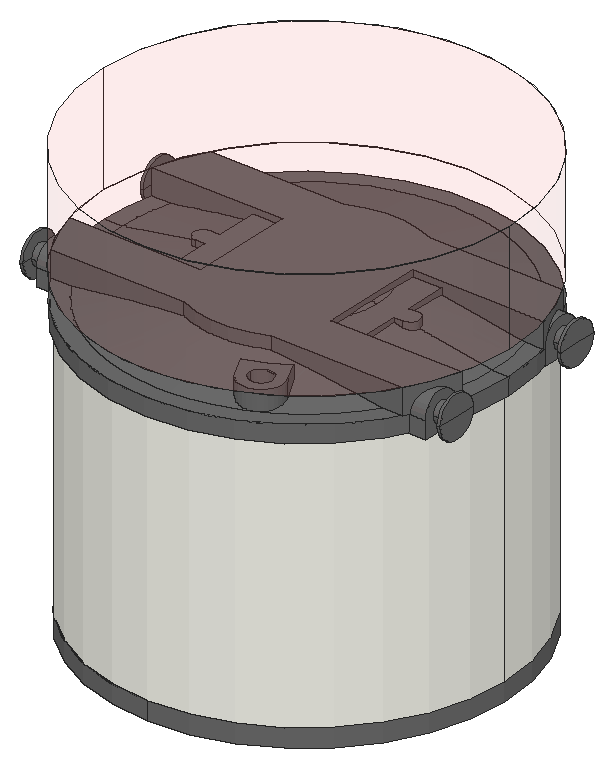
Revit family (continued)
Definition of nested family "Cooling_Plant_Accessories-Calmac-IceBank-Lid_C"
  Dimensions and locks (in)
    aligned and locked: plane 2 "Bottom" to curve 116
    aligned and locked: Masking region 3 sketch curve to cut or joined group of Revolve 1, Extrusion 2, Extrusion 4, Extrusion 5  (x2)
    aligned and locked: curve 121 to cut or joined group of Revolve 1, Extrusion 2, Extrusion 4, Extrusion 5
    aligned and locked: curve 122 to cut or joined group of Revolve 1, Extrusion 2, Extrusion 4, Extrusion 5
    aligned and locked: curve 123 to cut or joined group of Revolve 1, Extrusion 2, Extrusion 4, Extrusion 5
    aligned and locked: curve 124 to cut or joined group of Revolve 1, Extrusion 2, Extrusion 4, Extrusion 5
    aligned and locked: curve 125 to cut or joined group of Revolve 1, Extrusion 2, Extrusion 4, Extrusion 5
    aligned and locked: curve 126 to cut or joined group of Revolve 1, Extrusion 2, Extrusion 4, Extrusion 5
    aligned and locked: curve 127 to cut or joined group of Revolve 1, Extrusion 2, Extrusion 4, Extrusion 5
    aligned and locked: curve 128 to cut or joined group of Revolve 1, Extrusion 2, Extrusion 4, Extrusion 5
    aligned and locked: curve 129 to cut or joined group of Revolve 1, Extrusion 2, Extrusion 4, Extrusion 5
    aligned and locked: curve 130 to cut or joined group of Revolve 1, Extrusion 2, Extrusion 4, Extrusion 5
    aligned and locked: curve 131 to cut or joined group of Revolve 1, Extrusion 2, Extrusion 4, Extrusion 5
    aligned and locked: curve 132 to cut or joined group of Revolve 1, Extrusion 2, Extrusion 4, Extrusion 5
    aligned and locked: curve 133 to cut or joined group of Revolve 1, Extrusion 2, Extrusion 4, Extrusion 5
    aligned and locked: curve 134 to cut or joined group of Revolve 1, Extrusion 2, Extrusion 4, Extrusion 5
    aligned and locked: curve 135 to cut or joined group of Revolve 1, Extrusion 2, Extrusion 4, Extrusion 5
    aligned and locked: curve 136 to cut or joined group of Revolve 1, Extrusion 2, Extrusion 4, Extrusion 5
    aligned and locked: curve 137 to cut or joined group of Revolve 1, Extrusion 2, Extrusion 4, Extrusion 5
    aligned and locked: curve 138 to cut or joined group of Revolve 1, Extrusion 2, Extrusion 4, Extrusion 5
    aligned and locked: curve 139 to cut or joined group of Revolve 1, Extrusion 2, Extrusion 4, Extrusion 5
    aligned and locked: curve 140 to cut or joined group of Revolve 1, Extrusion 2, Extrusion 4, Extrusion 5
    aligned and locked: curve 141 to cut or joined group of Revolve 1, Extrusion 2, Extrusion 4, Extrusion 5
    aligned and locked: curve 142 to cut or joined group of Revolve 1, Extrusion 2, Extrusion 4, Extrusion 5
    aligned and locked: curve 143 to cut or joined group of Revolve 1, Extrusion 2, Extrusion 4, Extrusion 5
    aligned and locked: curve 144 to cut or joined group of Revolve 1, Extrusion 2, Extrusion 4, Extrusion 5
    aligned and locked: curve 145 to cut or joined group of Revolve 1, Extrusion 2, Extrusion 4, Extrusion 5
    aligned and locked: curve 146 to cut or joined group of Revolve 1, Extrusion 2, Extrusion 4, Extrusion 5
    aligned and locked: curve 147 to cut or joined group of Revolve 1, Extrusion 2, Extrusion 4, Extrusion 5
    aligned and locked: curve 148 to cut or joined group of Revolve 1, Extrusion 2, Extrusion 4, Extrusion 5
    aligned and locked: cut or joined group of Revolve 1, Extrusion 2, Extrusion 4, Extrusion 5 to curve 149
    aligned and locked: curve 150 to cut or joined group of Revolve 1, Extrusion 2, Extrusion 4, Extrusion 5
    aligned and locked: curve 151 to cut or joined group of Revolve 1, Extrusion 2, Extrusion 4, Extrusion 5
    aligned and locked: cut or joined group of Revolve 1, Extrusion 2, Extrusion 4, Extrusion 5 to curve 152
    aligned and locked: curve 153 to cut or joined group of Revolve 1, Extrusion 2, Extrusion 4, Extrusion 5
    aligned and locked: curve 154 to cut or joined group of Revolve 1, Extrusion 2, Extrusion 4, Extrusion 5
    aligned and locked: curve 155 to cut or joined group of Revolve 1, Extrusion 2, Extrusion 4, Extrusion 5
    aligned and locked: curve 156 to cut or joined group of Revolve 1, Extrusion 2, Extrusion 4, Extrusion 5
    aligned and locked: curve 157 to cut or joined group of Revolve 1, Extrusion 2, Extrusion 4, Extrusion 5
    aligned and locked: curve 158 to cut or joined group of Revolve 1, Extrusion 2, Extrusion 4, Extrusion 5
    aligned and locked: curve 159 to cut or joined group of Revolve 1, Extrusion 2, Extrusion 4, Extrusion 5
    aligned and locked: curve 160 to cut or joined group of Revolve 1, Extrusion 2, Extrusion 4, Extrusion 5
    aligned and locked: curve 161 to cut or joined group of Revolve 1, Extrusion 2, Extrusion 4, Extrusion 5
    aligned and locked: curve 162 to cut or joined group of Revolve 1, Extrusion 2, Extrusion 4, Extrusion 5
    aligned and locked: curve 163 to cut or joined group of Revolve 1, Extrusion 2, Extrusion 4, Extrusion 5
    aligned and locked: curve 164 to cut or joined group of Revolve 1, Extrusion 2, Extrusion 4, Extrusion 5
    aligned and locked: curve 127 to curve 165
    aligned and locked: plane 19 "Rigging Front" to curve 166
    aligned and locked: plane 9 "Rigging Back" to curve 166
    aligned and locked: curve 121 to curve 167
    aligned and locked: plane 19 "Rigging Front" to curve 168
    aligned and locked: plane 9 "Rigging Back" to curve 168
    aligned and locked: plane 8 "Piping Back" to curve 167  (x2)
    aligned and locked: Masking region 3 sketch curve to plane 5 "Back Connector Back"
    aligned and locked: Masking region 3 sketch curve to plane 44 "Connection Sleeve Left"
    aligned and locked: plane 45 "Connection Sleeve Right" to Masking region 3 sketch curve
    aligned and locked: plane 15 "Front Connection Front" to Masking region 3 sketch curve
    aligned and locked: curve 169 to cut or joined group of Revolve 1, Extrusion 2, Extrusion 4, Extrusion 5
    aligned and locked: curve 170 to cut or joined group of Revolve 1, Extrusion 2, Extrusion 4, Extrusion 5
    aligned and locked: curve 171 to curve 169
    aligned and locked: curve 172 to curve 170
    aligned and locked: curve 173 to cut or joined group of Revolve 1, Extrusion 2, Extrusion 4, Extrusion 5
    aligned and locked: curve 174 to cut or joined group of Revolve 1, Extrusion 2, Extrusion 4, Extrusion 5
    aligned and locked: curve 175 to cut or joined group of Revolve 1, Extrusion 2, Extrusion 4, Extrusion 5
    aligned and locked: curve 176 to cut or joined group of Revolve 1, Extrusion 2, Extrusion 4, Extrusion 5
    aligned and locked: curve 177 to cut or joined group of Revolve 1, Extrusion 2, Extrusion 4, Extrusion 5
    aligned and locked: curve 178 to cut or joined group of Revolve 1, Extrusion 2, Extrusion 4, Extrusion 5
    aligned and locked: curve 179 to cut or joined group of Revolve 1, Extrusion 2, Extrusion 4, Extrusion 5
    aligned and locked: curve 180 to cut or joined group of Revolve 1, Extrusion 2, Extrusion 4, Extrusion 5
    aligned and locked: cut or joined group of Revolve 1, Extrusion 2, Extrusion 4, Extrusion 5 to curve 181
    aligned and locked: curve 182 to cut or joined group of Revolve 1, Extrusion 2, Extrusion 4, Extrusion 5
    aligned and locked: curve 183 to cut or joined group of Revolve 1, Extrusion 2, Extrusion 4, Extrusion 5
    aligned and locked: curve 184 to cut or joined group of Revolve 1, Extrusion 2, Extrusion 4, Extrusion 5
    aligned and locked: curve 185 to cut or joined group of Revolve 1, Extrusion 2, Extrusion 4, Extrusion 5
    aligned and locked: curve 186 to cut or joined group of Revolve 1, Extrusion 2, Extrusion 4, Extrusion 5
    aligned and locked: curve 187 to cut or joined group of Revolve 1, Extrusion 2, Extrusion 4, Extrusion 5
    aligned and locked: curve 188 to cut or joined group of Revolve 1, Extrusion 2, Extrusion 4, Extrusion 5
    aligned and locked: curve 189 to cut or joined group of Revolve 1, Extrusion 2, Extrusion 4, Extrusion 5
    aligned and locked: curve 190 to cut or joined group of Revolve 1, Extrusion 2, Extrusion 4, Extrusion 5
    aligned and locked: cut or joined group of Revolve 1, Extrusion 2, Extrusion 4, Extrusion 5 to curve 191
    aligned and locked: cut or joined group of Revolve 1, Extrusion 2, Extrusion 4, Extrusion 5 to curve 192
    aligned and locked: cut or joined group of Revolve 1, Extrusion 2, Extrusion 4, Extrusion 5 to curve 193
    aligned and locked: cut or joined group of Revolve 1, Extrusion 2, Extrusion 4, Extrusion 5 to curve 194
    aligned and locked: curve 195 to cut or joined group of Revolve 1, Extrusion 2, Extrusion 4, Extrusion 5
    aligned and locked: cut or joined group of Revolve 1, Extrusion 2, Extrusion 4, Extrusion 5 to curve 196
    aligned and locked: curve 197 to cut or joined group of Revolve 1, Extrusion 2, Extrusion 4, Extrusion 5
    aligned and locked: cut or joined group of Revolve 1, Extrusion 2, Extrusion 4, Extrusion 5 to curve 198
    aligned and locked: plane 6 "Back Connector Center" to nested 4
    aligned and locked: nested 4 to plane 44 "Connection Sleeve Left"
    aligned and locked: nested 1 to plane 6 "Back Connector Center"
    aligned and locked: nested 1 to plane 45 "Connection Sleeve Right"
    aligned and locked: plane 16 "Fron Connector Center" to nested 2
    aligned and locked: nested 2 to plane 45 "Connection Sleeve Right"
    aligned and locked: nested 3 to plane 16 "Fron Connector Center"
    aligned and locked: nested 3 to plane 44 "Connection Sleeve Left"
    aligned and locked: plane 2 "Bottom" to curve 201
    aligned and locked: plane 1 "Center (Front/Back)" to curve 201
    aligned and locked: plane 3 "Center (Left/Right)" to nested 5
    aligned and locked: plane 1 "Center (Front/Back)" to nested 5
    aligned: plane 54 "Top of Clearance Box" to nested 5
    aligned: plane 55 "Top" to nested 5  (x4)
    aligned and locked: Masking region 1 to plane 55 "Top"
    aligned and locked: plane 57 "Center (Elevation)" to Extrusion 3 sketch curve  (x4)
    aligned and locked: plane 7 "Back Connector Front" to Extrusion 3 sketch curve
    aligned and locked: plane 55 "Top" to cut or joined group of Revolve 1, Extrusion 2, Extrusion 4, Extrusion 5
    aligned and locked: plane 57 "Center (Elevation)" to curve 172
    aligned and locked: cut or joined group of Revolve 1, Extrusion 2, Extrusion 4, Extrusion 5 to plane 57 "Center (Elevation)"
    aligned: plane 57 "Center (Elevation)" to nested 1  (x2)
    aligned: plane 57 "Center (Elevation)" to nested 2  (x2)
    aligned and locked: plane 57 "Center (Elevation)" to cut or joined group of Revolve 1, Extrusion 2, Extrusion 4, Extrusion 5  (x5)
    aligned and locked: curve 171 to plane 57 "Center (Elevation)"
    aligned: plane 57 "Center (Elevation)" to nested 3
    aligned and locked: curve 120 to plane 56 "Connector Channel Top"
    aligned and locked: curve 114 to plane 56 "Connector Channel Top"
    aligned: Masking region 2 to plane 55 "Top"
    aligned: plane 56 "Connector Channel Top" to Masking region 2
    aligned and locked: plane 21 "Top Front Edge" to Masking region 2
    aligned and locked: plane 58 "Front Inset 2" to Masking region 2
    aligned and locked: plane 57 "Center (Elevation)" to curve 78
    aligned and locked: curve 173 to plane 57 "Center (Elevation)"
    aligned and locked: curve 77 to plane 8 "Piping Back"
    aligned and locked: plane 9 "Rigging Back" to curve 86
    aligned and locked: plane 19 "Rigging Front" to curve 80
    aligned and locked: curve 95 to plane 18 "Piping Front"
    aligned and locked: curve 84 to plane 10 "Rigging Loop Back"
    aligned and locked: curve 82 to plane 20 "Rigging Loop Front"
    aligned and locked: cut or joined group of Revolve 1, Extrusion 2, Extrusion 4, Extrusion 5 to plane 56 "Connector Channel Top"
    aligned and locked: nested 5 to plane 54 "Top of Clearance Box"
    aligned and locked: plane 57 "Center (Elevation)" to nested 1
    aligned and locked: plane 57 "Center (Elevation)" to nested 2
    aligned and locked: plane 57 "Center (Elevation)" to nested 3
    aligned and locked: plane 55 "Top" to nested 5  (x6)
    aligned and locked: plane 54 "Top of Clearance Box" to nested 5  (x4)
    aligned and locked: Masking region 2 sketch curve to plane 55 "Top"
    aligned and locked: plane 56 "Connector Channel Top" to Masking region 2 sketch curve
    aligned and locked: curve 202 to curve 187
    aligned and locked: curve 203 to curve 186
    aligned and locked: curve 204 to curve 185
    aligned and locked: curve 205 to curve 184
    aligned and locked: curve 206 to curve 183
    aligned and locked: curve 207 to curve 182
    aligned and locked: curve 208 to curve 181
    aligned and locked: curve 209 to curve 180
    aligned and locked: curve 210 to curve 179
    aligned and locked: curve 211 to curve 190
    aligned and locked: curve 212 to curve 189
    aligned and locked: curve 213 to curve 188
    aligned and locked: curve 214 to curve 172
    aligned and locked: curve 215 to curve 171
  Automatic sketch dimensions
    Extrusion 4 sketch curve to Extrusion 4 sketch curve = 0"
    Extrusion 5 sketch curve to plane 9 "Rigging Back" = 0"
    Extrusion 2 sketch curve to Extrusion 2 sketch curve = 0"  (x5)
    Extrusion 2 sketch curve to plane 35 "Top Left" = 0"
    Extrusion 2 sketch curve to plane 3 "Center (Left/Right)" = 0"
    Extrusion 2 sketch curve to plane 9 "Rigging Back" = 0"
    plane 30 "Left Lip Inset" to Extrusion 2 sketch curve = 1.96722"  (x2)
    plane 38 "Lid Inset Right" to Extrusion 2 sketch curve = 1.96722"  (x2)
    Extrusion 2 sketch curve to plane 20 "Rigging Loop Front" = 0.60261"
    Extrusion 2 sketch curve to plane 10 "Rigging Loop Back" = 0.60261"
    Masking region 2 sketch curve to plane 27 "Pad Eye Front Center" = 0.69072"
    Masking region 3 sketch curve to Masking region 3 sketch curve = 0"  (x7)
    Masking region 3 sketch curve to plane 5 "Back Connector Back" = 0"
    plane 15 "Front Connection Front" to Masking region 3 sketch curve = 0"
    Masking region 3 sketch curve to plane 43 "Top Right" = 29.61091"
    Masking region 3 sketch curve to plane 45 "Connection Sleeve Right" = 0"
    plane 38 "Lid Inset Right" to Masking region 3 sketch curve = 1.34348"
    Revolve 1 sketch curve to Revolve 1 sketch curve = 3 3/4"
    Revolve 1 sketch curve to Revolve 1 sketch curve = 9"
    Revolve 1 sketch curve to Revolve 1 sketch curve = 0"
    Masking region 1 sketch curve to Masking region 1 sketch curve = 9 1/4"
    Masking region 2 sketch curve to plane 22 "Front Inset" = 0"
    Masking region 2 sketch curve to Masking region 2 sketch curve = 3 3/4"
    Masking region 2 sketch curve to Masking region 2 sketch curve = 0.64281"
    level to Masking region 2 sketch curve = 6.26888"
    level to Masking region 2 sketch curve = 6.54801"
    Masking region 2 sketch curve to Masking region 2 sketch curve = 0.27913"
    Masking region 2 sketch curve to Masking region 2 sketch curve = 3.60719"
    curve 97 to level = 0"
    curve 97 to plane 44 "Connection Sleeve Left" = 0"
    curve 119 to plane 57 "Center (Elevation)" = 0"
    curve 119 to level = 0"
    curve 100 to plane 50 "Top Left Inset" = 0"
    curve 99 to plane 3 "Center (Left/Right)" = 0"
    curve 101 to plane 56 "Connector Channel Top" = 0"
    plane 43 "Top Right" to curve 103 = 0"
    plane 51 "Top Right Inset" to curve 110 = 0"
    curve 116 to plane 57 "Center (Elevation)" = 0"
    plane 45 "Connection Sleeve Right" to curve 114 = 0"
    curve 111 to level = 0"
    curve 100 to plane 55 "Top" = 0"
    curve 110 to plane 55 "Top" = 0"
    plane 44 "Connection Sleeve Left" to curve 117 = 0.88726"
    curve 117 to plane 30 "Left Lip Inset" = 0.835"
    curve 117 to plane 50 "Top Left Inset" = 0.71316"
    curve 119 to curve 98 = 0.55915"
    plane 50 "Top Left Inset" to curve 115 = 4.45635"
    curve 99 to plane 32 "Left Rigging Loop Inset" = 1.17979"
    plane 35 "Top Left" to curve 99 = 0"
    plane 43 "Top Right" to curve 99 = 0.20898"
    plane 57 "Center (Elevation)" to curve 106 = 0.73854"
    curve 106 to plane 43 "Top Right" = 2.02375"
    plane 46 "Right Center" to curve 106 = 0.99812"
    plane 46 "Right Center" to curve 106 = 0.88046"
    curve 108 to plane 46 "Right Center" = 0.34333"
    plane 41 "Right Rigging Loop Left" to curve 107 = 0.48196"
    curve 107 to curve 107 = 0.0769"
    plane 41 "Right Rigging Loop Left" to curve 102 = 0.25712"
    curve 109 to curve 98 = 5.53004"
    curve 116 to plane 51 "Top Right Inset" = 0.55915"
    curve 112 to plane 51 "Top Right Inset" = 0.71316"
    curve 114 to plane 38 "Lid Inset Right" = 0.835"
    plane 45 "Connection Sleeve Right" to curve 112 = 0.88726"
    plane 57 "Center (Elevation)" to curve 107 = 0.21408"
    plane 57 "Center (Elevation)" to curve 101 = 1.59188"
    plane 57 "Center (Elevation)" to curve 112 = 1.76036"
    plane 57 "Center (Elevation)" to curve 118 = 1.76036"
    curve 104 to curve 109 = 1.3737"
    curve 101 to curve 99 = 1.22618"
    level to curve 115 = 6.56901"
    curve 198 to plane 18 "Piping Front" = 0"
    curve 198 to plane 57 "Center (Elevation)" = 0"
    curve 198 to plane 55 "Top" = 0"
    curve 197 to plane 57 "Center (Elevation)" = 0.14855"
    curve 197 to plane 8 "Piping Back" = 0"
    curve 197 to plane 55 "Top" = 0"
    curve 196 to plane 18 "Piping Front" = 0"
    curve 195 to plane 8 "Piping Back" = 0"
    curve 195 to plane 57 "Center (Elevation)" = 0"
    curve 195 to plane 55 "Top" = 0"
    curve 196 to plane 57 "Center (Elevation)" = 0"
    curve 196 to plane 55 "Top" = 0.21345"
    curve 122 to curve 126 = 0"  (x2)
    curve 122 to curve 130 = 0"  (x2)
    curve 122 to curve 134 = 0"  (x2)
    curve 122 to curve 140 = 0"  (x2)
    curve 122 to curve 141 = 0"
    curve 122 to curve 155 = 0"
    curve 122 to curve 156 = 0"  (x2)
    curve 122 to curve 166 = 0"  (x2)
    curve 122 to curve 168 = 0"  (x2)
    curve 122 to curve 171 = 0"  (x2)
    curve 122 to curve 173 = 0"  (x2)
    curve 122 to curve 174 = 0"  (x2)
    curve 122 to curve 175 = 0"  (x2)
    curve 122 to curve 176 = 0"
    curve 122 to curve 177 = 0"  (x2)
    curve 122 to curve 178 = 0"
    curve 128 to curve 186 = 0"  (x2)
    curve 136 to curve 180 = 0"
    curve 161 to curve 163 = 0"
    curve 161 to curve 164 = 0"
    curve 133 to plane 52 "Right Side Chanel" = 0"
    curve 131 to plane 52 "Right Side Chanel" = 0"
    curve 178 to plane 38 "Lid Inset Right" = 0"
    plane 20 "Rigging Loop Front" to curve 145 = 0"
    plane 1 "Center (Front/Back)" to curve 146 = 0"
    curve 143 to plane 41 "Right Rigging Loop Left" = 0"
    curve 147 to plane 41 "Right Rigging Loop Left" = 0"
    curve 189 to plane 42 "Right Rigging Left" = 0"
    curve 128 to plane 43 "Top Right" = 0"
    curve 135 to plane 43 "Top Right" = 0"
    plane 18 "Piping Front" to curve 186 = 0"
    curve 186 to plane 43 "Top Right" = 0"
    curve 165 to plane 3 "Center (Left/Right)" = 0"
    curve 186 to plane 3 "Center (Left/Right)" = 0"
    curve 180 to plane 3 "Center (Left/Right)" = 0"
    curve 167 to plane 3 "Center (Left/Right)" = 0"
    plane 18 "Piping Front" to curve 127 = 0"
    curve 123 to plane 34 "Left Rigging Right" = 0"
    curve 153 to plane 33 "Left Rigging Loop Right" = 0"
    curve 158 to plane 33 "Left Rigging Loop Right" = 0"
    curve 150 to plane 10 "Rigging Loop Back" = 0"
    plane 1 "Center (Front/Back)" to curve 150 = 0"
    curve 122 to plane 50 "Top Left Inset" = 0"
    curve 126 to plane 50 "Top Left Inset" = 0"
    curve 176 to plane 30 "Left Lip Inset" = 0"
    curve 168 to curve 178 = 0"
    curve 130 to curve 174 = 4.45635"
    curve 165 to curve 174 = 0"
    plane 51 "Top Right Inset" to curve 173 = 4.45635"
    curve 167 to curve 173 = 0"
    curve 145 to plane 40 "Right Rigging Loop Inset" = 1.25367"
    curve 161 to plane 24 "Pad Eye Back Left Offset" = 0.24397"
    plane 41 "Right Rigging Loop Left" to curve 161 = 0.73123"
    curve 163 to plane 46 "Right Center" = 0.40154"
    plane 46 "Right Center" to curve 162 = 0.11395"
    curve 161 to plane 42 "Right Rigging Left" = 1.55753"
    curve 141 to plane 42 "Right Rigging Left" = 1.24396"
    plane 25 "Pad Eye Hole" to curve 161 = 0.41045"
    plane 42 "Right Rigging Left" to curve 161 = 2.62837"
    plane 26 "Pad Eye Back Left" to curve 160 = 0.04987"
    plane 43 "Top Right" to curve 160 = 0.20898"
    plane 43 "Top Right" to curve 179 = 0.88239"
    plane 1 "Center (Front/Back)" to curve 159 = 0.00093"
    plane 3 "Center (Left/Right)" to curve 159 = 0.00344"
    curve 156 to plane 34 "Left Rigging Right" = 1.24396"
    curve 150 to plane 32 "Left Rigging Loop Inset" = 1.24992"
    curve 166 to curve 175 = 0"
    curve 180 to plane 10 "Rigging Loop Back" = 0.60261"
    curve 167 to plane 1 "Center (Front/Back)" = 0.00493"
    curve 159 to curve 165 = 0.03088"
    curve 128 to plane 20 "Rigging Loop Front" = 0.60261"
    curve 194 to plane 19 "Rigging Front" = 0"
    curve 193 to plane 9 "Rigging Back" = 0"
    curve 194 to plane 57 "Center (Elevation)" = 0"
    curve 193 to plane 57 "Center (Elevation)" = 0"
    curve 194 to plane 55 "Top" = 0"
    curve 193 to plane 55 "Top" = 0"
    curve 192 to plane 57 "Center (Elevation)" = 0"
    curve 192 to plane 55 "Top" = 0"
    curve 191 to plane 9 "Rigging Back" = 0"
    curve 191 to plane 57 "Center (Elevation)" = 0"
    curve 191 to plane 55 "Top" = 0"
    curve 192 to plane 19 "Rigging Front" = 0"
    curve 92 to plane 21 "Top Front Edge" = 0"
    curve 76 to plane 11 "Top Back Edge" = 0"
    curve 78 to plane 12 "Back Inset" = 0"
    level to curve 74 = 0"
    level to curve 89 = 0"
    level to curve 90 = 0"
    level to curve 75 = 0"
    plane 56 "Connector Channel Top" to curve 81 = 0"
    plane 56 "Connector Channel Top" to curve 85 = 0"
    curve 80 to plane 55 "Top" = 0"
    curve 77 to plane 55 "Top" = 0"
    curve 201 to plane 55 "Top" = 0"
    curve 86 to plane 55 "Top" = 0"
    curve 95 to plane 55 "Top" = 0"
    plane 23 "Pad Eye Back Right" to curve 91 = 0.21387"
    curve 91 to plane 58 "Front Inset 2" = 0.00052"
    plane 22 "Front Inset" to curve 96 = 0.00227"
    plane 18 "Piping Front" to curve 92 = 0.02422"
    curve 93 to plane 20 "Rigging Loop Front" = 0.00136"
    plane 1 "Center (Front/Back)" to curve 94 = 0.0138"
    plane 1 "Center (Front/Back)" to curve 94 = 0.00177"
    curve 93 to plane 1 "Center (Front/Back)" = 0.01386"
    curve 94 to plane 10 "Rigging Loop Back" = 0.00136"
    curve 76 to plane 8 "Piping Back" = 0.00969"
    plane 56 "Connector Channel Top" to curve 93 = 1.56605"
    plane 56 "Connector Channel Top" to curve 76 = 1.45199"
    plane 56 "Connector Channel Top" to curve 92 = 1.45199"
    curve 94 to curve 93 = 0.32132"
    curve 94 to curve 83 = 0.34177"
    curve 94 to curve 84 = 0.00054"
    curve 94 to curve 94 = 0.00054"
    curve 82 to curve 93 = 0.00002"
    curve 93 to curve 93 = 0.00002"
    curve 16 to curve 167 = 1.61517"
    curve 18 to curve 18 = 0.6236"
    curve 17 to plane 11 "Top Back Edge" = 1.60052"
    curve 18 to curve 17 = 0.6236"
    curve 18 to curve 16 = 1.56427"
    curve 16 to curve 17 = 1.24719"
    curve 18 to curve 17 = 0.78196"
    curve 17 to curve 17 = 1.24746"
    curve 16 to curve 17 = 1.56393"
    curve 15 to plane 31 "Left Rigging Loop Left" = 0.92879"
    curve 15 to curve 15 = 0.78196"
    curve 15 to curve 13 = 1.24746"
    curve 15 to curve 14 = 0.78196"
    curve 13 to curve 14 = 1.56393"
    curve 14 to curve 16 = 5.29454"
    curve 15 to curve 14 = 0.6236"
    curve 14 to curve 14 = 1.56427"
    curve 13 to curve 14 = 1.24719"
    plane 1 "Center (Front/Back)" to curve 60 = 0"
    curve 1 to plane 47 "Bolt Inset Right" = 0"
    curve 41 to plane 14 "Front" = 0"
    curve 41 to plane 47 "Bolt Inset Right" = 0"
    curve 42 to plane 3 "Center (Left/Right)" = 0"
    curve 2 to plane 48 "Bolt Inset Left" = 0"
    plane 1 "Center (Front/Back)" to curve 24 = 0"
    plane 4 "Back" to curve 2 = 0"
    plane 4 "Back" to curve 1 = 0"
    plane 49 "Bolt Inset Center" to curve 3 = 0"
    curve 40 to plane 14 "Front" = 0"
    curve 58 to plane 37 "Right" = 0.00227"
    curve 59 to plane 37 "Right" = 0.00227"
    curve 61 to plane 52 "Right Side Chanel" = 0.5656"
    curve 56 to plane 52 "Right Side Chanel" = 0.5656"
    curve 55 to plane 52 "Right Side Chanel" = 0.12048"
    curve 62 to plane 52 "Right Side Chanel" = 0.12048"
    plane 45 "Connection Sleeve Right" to curve 60 = 0.26851"
    curve 56 to plane 38 "Lid Inset Right" = 0.97814"
    curve 63 to plane 38 "Lid Inset Right" = 0.97814"
    curve 63 to plane 38 "Lid Inset Right" = 0.75558"
    curve 57 to plane 38 "Lid Inset Right" = 0.75558"
    curve 62 to plane 38 "Lid Inset Right" = 0.53302"
    curve 55 to plane 38 "Lid Inset Right" = 0.53302"
    curve 53 to plane 23 "Pad Eye Back Right" = 1.03206"
    plane 51 "Top Right Inset" to curve 53 = 3.26006"
    plane 51 "Top Right Inset" to curve 64 = 3.26006"
    plane 26 "Pad Eye Back Left" to curve 52 = 1.31658"
    curve 53 to curve 52 = 1.24719"
    curve 64 to curve 65 = 1.24719"
    curve 64 to curve 66 = 1.56427"
    curve 64 to plane 11 "Top Back Edge" = 1.60052"
    plane 23 "Pad Eye Back Right" to curve 53 = 0.21541"
    curve 53 to curve 53 = 1.56427"
    curve 53 to curve 54 = 0.6236"
    curve 66 to curve 66 = 0.6236"  (x2)
    curve 54 to curve 52 = 0.6236"
    curve 67 to plane 39 "Right Rigging Loop Right" = 3.74019"
    plane 25 "Pad Eye Hole" to curve 50 = 0.6295"
    curve 50 to plane 39 "Right Rigging Loop Right" = 3.74019"
    curve 67 to curve 67 = 1.24746"
    curve 50 to curve 50 = 1.24746"
    curve 49 to plane 25 "Pad Eye Hole" = 0.61769"
    curve 50 to curve 49 = 1.56393"
    curve 67 to curve 68 = 1.56393"
    curve 69 to curve 69 = 0.78196"
    curve 50 to curve 51 = 0.78196"
    curve 49 to plane 39 "Right Rigging Loop Right" = 0.92879"
    curve 69 to plane 39 "Right Rigging Loop Right" = 0.92879"
    plane 41 "Right Rigging Loop Left" to curve 47 = 0.54143"
    plane 41 "Right Rigging Loop Left" to curve 70 = 0.54143"
    plane 41 "Right Rigging Loop Left" to curve 48 = 1.40954"
    plane 41 "Right Rigging Loop Left" to curve 72 = 1.40954"
    curve 72 to plane 46 "Right Center" = 0.53926"
    curve 48 to plane 46 "Right Center" = 0.53926"
    plane 22 "Front Inset" to curve 46 = 0.13961"
    curve 46 to plane 46 "Right Center" = 0.50624"
    plane 12 "Back Inset" to curve 71 = 0.13961"
    curve 71 to plane 46 "Right Center" = 0.50624"
    plane 46 "Right Center" to curve 48 = 0.36187"
    plane 46 "Right Center" to curve 72 = 0.36187"
    curve 4 to plane 43 "Top Right" = 1.29276"
    curve 44 to plane 43 "Top Right" = 1.29276"
    curve 45 to plane 43 "Top Right" = 0.84755"
    plane 13 "Back Bolt Front" to curve 6 = 0.28224"
    curve 6 to plane 43 "Top Right" = 0.84755"
    plane 43 "Top Right" to curve 45 = 0.12755"
    plane 13 "Back Bolt Front" to curve 6 = 0.05968"
    plane 43 "Top Right" to curve 6 = 0.12755"
    plane 43 "Top Right" to curve 43 = 0.65743"
    plane 43 "Top Right" to curve 5 = 0.65743"
    curve 45 to curve 43 = 0.97509"
    curve 5 to plane 13 "Back Bolt Front" = 0.16288"
    curve 9 to plane 13 "Back Bolt Front" = 0.16288"
    plane 35 "Top Left" to curve 9 = 1.10264"
    plane 35 "Top Left" to curve 38 = 1.10264"
    plane 35 "Top Left" to curve 38 = 0.65743"
    plane 35 "Top Left" to curve 7 = 0.65743"
    plane 35 "Top Left" to curve 39 = 0.12755"
    plane 13 "Back Bolt Front" to curve 9 = 0.05968"
    plane 35 "Top Left" to curve 9 = 0.12755"
    curve 39 to plane 22 "Front Inset" = 0.53076"
    curve 39 to plane 35 "Top Left" = 0.84755"
    plane 13 "Back Bolt Front" to curve 8 = 0.28224"
    curve 8 to plane 35 "Top Left" = 1.29276"
    curve 37 to plane 35 "Top Left" = 1.29276"
    plane 33 "Left Rigging Loop Right" to curve 36 = 3.21178"
    plane 33 "Left Rigging Loop Right" to curve 12 = 3.21178"
    plane 12 "Back Inset" to curve 10 = 0.13961"
    curve 10 to curve 10 = 0.8681"
    plane 22 "Front Inset" to curve 35 = 0.13961"
    curve 36 to curve 35 = 0.8681"
    curve 12 to curve 12 = 0.90112"
    curve 35 to curve 36 = 0.90112"
    curve 12 to curve 11 = 0.90112"
    curve 36 to plane 58 "Front Inset 2" = 0.83541"
    curve 36 to curve 36 = 0.90112"
    plane 33 "Left Rigging Loop Right" to curve 11 = 0.54143"
    plane 33 "Left Rigging Loop Right" to curve 34 = 0.54143"
    curve 32 to plane 31 "Left Rigging Loop Left" = 0.92879"
    curve 32 to curve 33 = 0.78196"
    curve 32 to plane 25 "Pad Eye Hole" = 0.61769"
    curve 33 to curve 32 = 1.24746"
    curve 33 to curve 33 = 0.78196"
    plane 25 "Pad Eye Hole" to curve 31 = 0.6295"
    curve 32 to curve 31 = 1.56393"
    curve 30 to curve 165 = 1.61517"
    curve 29 to plane 23 "Pad Eye Back Right" = 1.34852"
    curve 29 to curve 30 = 0.6236"
    plane 23 "Pad Eye Back Right" to curve 28 = 0.21541"
    curve 30 to curve 28 = 0.6236"
    plane 26 "Pad Eye Back Left" to curve 29 = 1.31658"
    curve 30 to curve 29 = 1.56427"
    curve 28 to plane 23 "Pad Eye Back Right" = 1.03206"
    curve 29 to curve 28 = 1.24719"
    curve 19 to plane 30 "Left Lip Inset" = 0.53302"
    curve 27 to plane 30 "Left Lip Inset" = 0.53302"
    curve 21 to plane 30 "Left Lip Inset" = 0.75558"
    curve 27 to plane 30 "Left Lip Inset" = 0.75558"
    curve 20 to plane 30 "Left Lip Inset" = 0.97814"
    curve 27 to plane 30 "Left Lip Inset" = 0.97814"
    plane 44 "Connection Sleeve Left" to curve 23 = 0.26851"
    curve 26 to plane 53 "Left Side Channel" = 0.12048"
    curve 19 to plane 53 "Left Side Channel" = 0.12048"
    curve 20 to plane 53 "Left Side Channel" = 0.5656"
    curve 25 to plane 53 "Left Side Channel" = 0.5656"
    curve 22 to plane 29 "Left" = 0.00227"
    curve 23 to plane 29 "Left" = 0.00227"
    plane 4 "Back" to curve 5 = 0.88851"
    plane 4 "Back" to curve 7 = 0.88851"
    curve 8 to plane 49 "Bolt Inset Center" = 0.66715"
    curve 4 to plane 49 "Bolt Inset Center" = 0.66715"
    plane 12 "Back Inset" to curve 11 = 1.00752"
    plane 12 "Back Inset" to curve 70 = 1.00752"
    plane 12 "Back Inset" to curve 10 = 1.94225"
    plane 12 "Back Inset" to curve 71 = 1.94225"
    curve 12 to curve 12 = 0.43396"
    curve 71 to curve 72 = 0.43396"
    plane 12 "Back Inset" to curve 68 = 5.22954"
    curve 68 to curve 67 = 1.24719"
    curve 68 to curve 68 = 1.56427"
    curve 68 to curve 69 = 0.6236"
    curve 65 to curve 64 = 2.81139"
    curve 65 to curve 64 = 1.56393"
    curve 65 to curve 66 = 0.78196"
    curve 19 to plane 9 "Rigging Back" = 0.41389"
    curve 62 to plane 9 "Rigging Back" = 0.41389"
    curve 21 to plane 9 "Rigging Back" = 0.85911"
    curve 62 to plane 9 "Rigging Back" = 0.85911"
    curve 62 to curve 63 = 0.97509"
    curve 21 to curve 21 = 0.97509"
    curve 62 to curve 61 = 1.95019"
    curve 19 to curve 20 = 1.95019"
    curve 59 to plane 10 "Rigging Loop Back" = 0.99983"
    curve 24 to plane 10 "Rigging Loop Back" = 0.99983"
    curve 25 to plane 19 "Rigging Front" = 2.80929"
    curve 56 to plane 19 "Rigging Front" = 2.80929"
    curve 57 to curve 56 = 0.44521"
    curve 25 to curve 25 = 0.44521"
    curve 56 to curve 57 = 0.97509"
    curve 27 to curve 27 = 0.97509"
    curve 26 to plane 19 "Rigging Front" = 0.41389"
    curve 55 to plane 19 "Rigging Front" = 0.41389"
    curve 54 to plane 23 "Pad Eye Back Right" = 0.56656"
    curve 33 to curve 31 = 1.56427"
    curve 51 to curve 50 = 1.56427"
    curve 50 to curve 51 = 0.6236"
    curve 33 to curve 33 = 0.6236"
    curve 48 to plane 58 "Front Inset 2" = 0.83541"
    curve 36 to curve 36 = 0.43396"
    curve 47 to curve 48 = 0.43396"
    plane 22 "Front Inset" to curve 47 = 1.00752"
    plane 22 "Front Inset" to curve 34 = 1.00752"
    curve 44 to plane 22 "Front Inset" = 0.53076"
    curve 39 to plane 22 "Front Inset" = 0.75332"
    curve 45 to plane 22 "Front Inset" = 0.75332"
    curve 40 to plane 22 "Front Inset" = 1.81422"
    plane 14 "Front" to curve 44 = 1.33363"
    plane 14 "Front" to curve 37 = 1.33363"
    plane 14 "Front" to curve 43 = 0.88851"
    plane 14 "Front" to curve 38 = 0.88851"
    curve 200 to plane 3 "Center (Left/Right)" = 0"
    curve 210 to curve 209 = 0.88239"
    curve 199 to plane 37 "Right" = 0"
    plane 1 "Center (Front/Back)" to curve 199 = 0"
    curve 199 to plane 29 "Left" = 0"
    curve 214 to curve 216 = 0"  (x2)
    curve 214 to curve 217 = 0"  (x2)
    curve 202 to plane 51 "Top Right Inset" = 0"
    plane 14 "Front" to curve 200 = 0.00227"
    curve 207 to plane 53 "Left Side Channel" = 0"
    plane 4 "Back" to curve 200 = 0.00227"
  Nested families (in)
    nested 1: "Cooling_Plant_Accessories-Calmac-IceBank-4-Inch Flanged Connection" at (42.58273, 16.5, 3.75), Pipe Material <- "Pipe Material", visible <- "Is Back Right Flanged Connector Visibility", type "Flanged Connection"
      with Pipe Material Plastic- Calmac- Black
    nested 2: "Cooling_Plant_Accessories-Calmac-IceBank-4-Inch Flanged Connection" at (42.58273, -16.5, 3.75), Pipe Material <- "Pipe Material", visible <- "Is Front Right  Flanged Connector Visibility", type "Flanged Connection"
      with Pipe Material Plastic- Calmac- Black
    nested 3: "Cooling_Plant_Accessories-Calmac-IceBank-4-Inch Flanged Connection" at (-42.58273, -16.5, 3.75) x (-1, 0, 0) z (0, 0, 1), Pipe Material <- "Pipe Material", visible <- "Is Front Left  Flanged Connector Visibility", type "Flanged Connection"
      with Pipe Material Plastic- Calmac- Black
    nested 4: "Cooling_Plant_Accessories-Calmac-IceBank-4-Inch Flanged Connection" at (-42.58273, 16.5, 3.75) x (-1, 0, 0) z (0, 0, 1), Pipe Material <- "Pipe Material", visible <- "Is Back Left  Flanged Connector Visibility", type "Flanged Connection"
      with Pipe Material Plastic- Calmac- Black
    nested 5: "Cooling_Plant_Accessories-Calmac-IceBankClearance Box" at (0, 0, 15.25), CTRL Radius <- "CTRL Radius", visible <- "Is Clearance Box Visible", type "Include Clearance"
      with Width 88 5/8", Height 36", Depth 88 5/8", CTRL Radius 44 5/16"
  Definition of nested family "Cooling_Plant_Accessories-Calmac-IceBank-4-Inch Flanged Connection"
    Parameters (values of type "4"")
      Pipe Material [instance] = none
      No Flange = not(Has Flange)  # no
      Has Flange = yes
    Reference planes (in)
      plane 1 "Center (Front/Back)": y = 0
      plane 2 "Center (Elevation)": z = 0
      plane 3 "Center (Left/Right)": x = 0
      plane 4 "Back": y = 4.5
      plane 5 "Back Face": x = 2.79297
      plane 6 "Base Back": y = 2.25
      plane 7 "Fase Back": y = 3
      plane 8 "Front": y = -4.5
      plane 9 "Base Front": y = -2.25
      plane 10 "Face Front": y = -3
      plane 11 "Face": x = 3.41797
      plane 12 "T.O. Flange": z = 4.5
      plane 13 "T.O. Pipe": z = 2.25
      plane 14 "B.O. Flange": z = -4.5
      plane 15 "B.O. Pipe": z = -2.25
    Forms (in)
      Revolve 1, solid, material <- "Pipe Material", visible <- "Has Flange", detail levels fine
        sketch origin (0, 0, 0) x (1, 0, 0) y (0, 1, 0)
          loop
            line (0, 2.25) -> (0, 0) -> (3.41797, 0) -> (3.41797, 4.5) -> (2.79297, 4.5) -> (2.79297, 2.25) -> (0, 2.25)
          axis (0, 0) -> (3.41797, 0)
        angle from 0 to 360
      Extrusion 2, solid, material <- "Pipe Material", visible <- "No Flange", detail levels fine
        sketch origin (3.41797, 0, 0) x (0, 1, 0) y (0, 0, 1)
          loop
            circle (0, 0) r 2.25
        from -3.41797 to 0
    Lines and regions (in)
      Masking region 1, detail levels fine
        outline origin (0, 0, 0) x (0, 1, 0) y (0, 0, 1)
          loop
            circle (0, 0) r 4.5
      Masking region 2, detail levels fine
        outline origin (0, 0, 0) x (1, 0, 0) y (0, 0, 1)
          loop
            line (3.41797, 4.5) -> (2.79297, 4.5) -> (2.79297, 2.25) -> (0, 2.25) -> (0, -2.25) -> (2.79297, -2.25) -> (2.79297, -4.5) -> (3.41797, -4.5) -> (3.41797, 4.5)
      Masking region 3, visible <- "Has Flange", detail levels fine
        outline origin (0, 0, 0) x (1, 0, 0) y (0, 1, 0)
          loop
            line (0, 2.25) -> (0, -2.25) -> (2.79297, -2.25) -> (2.79297, -4.5) -> (3.41797, -4.5) -> (3.41797, 4.5) -> (2.79297, 4.5) -> (2.79297, 2.25) -> (0, 2.25)
      Masking region 4, visible <- "No Flange", detail levels fine
        outline origin (0, 0, 0) x (1, 0, 0) y (0, 1, 0)
          loop
            line (0, 2.25) -> (0, -2.25) -> (3.41797, -2.25) -> (3.41797, 2.25) -> (0, 2.25)
      model lines, style "Piping", detail levels medium
        curve 1: line (0, 0, 0) -> (3.41797, 0, 0)
        curve 2: arc (3.41797, -4.5, 0) -> (3.41797, 0, 4.5) -> (3.41797, 4.5, 0) r 4.5
        curve 3: arc (3.41797, 4.5, 0) -> (3.41797, 0, -4.5) -> (3.41797, -4.5, 0) r 4.5
      symbolic lines, detail levels coarse+medium
        curve 4: line (0, 0, 0) -> (3.41797, 0, 0)
        curve 5: line (0, 0, 0) -> (3.41797, 0, 0)
    Dimensions and locks (in)
      locked: plane 4 "Back" to plane 7 "Fase Back" at 1.5
      locked: plane 4 "Back" to plane 6 "Base Back" at 2.25
      locked: plane 8 "Front" to plane 10 "Face Front" at 1.5
      locked: plane 8 "Front" to plane 9 "Base Front" at 2.25
      locked: plane 1 "Center (Front/Back)" to plane 6 "Base Back" at 2.25
      locked: plane 9 "Base Front" to plane 1 "Center (Front/Back)" at 2.25
      locked: plane 3 "Center (Left/Right)" to plane 11 "Face" at 3.41797
      locked: plane 5 "Back Face" to plane 11 "Face" at 0.625
      locked: plane 2 "Center (Elevation)" to plane 14 "B.O. Flange" at 4.5
      locked: plane 2 "Center (Elevation)" to plane 15 "B.O. Pipe" at 2.25
      locked: plane 12 "T.O. Flange" to plane 2 "Center (Elevation)" at 4.5
      locked: plane 12 "T.O. Flange" to plane 13 "T.O. Pipe" at 2.25
      aligned and locked: Revolve 1 sketch curve to plane 3 "Center (Left/Right)"
      aligned and locked: Revolve 1 sketch curve to plane 5 "Back Face"
      aligned and locked: Revolve 1 sketch curve to plane 11 "Face"
      aligned and locked: Revolve 1 sketch curve to plane 1 "Center (Front/Back)"
      aligned and locked: Revolve 1 sketch curve to plane 4 "Back"
      aligned and locked: Revolve 1 sketch curve to plane 6 "Base Back"
      aligned and locked: plane 1 "Center (Front/Back)" to Revolve 1 sketch curve  (x2)
      aligned and locked: plane 3 "Center (Left/Right)" to Revolve 1 sketch curve
      aligned and locked: Masking region 1 sketch curve to Revolve 1  (x2)
      aligned and locked: Masking region 2 sketch curve to Revolve 1  (x3)
      aligned and locked: Masking region 2 sketch curve to plane 5 "Back Face"
      aligned and locked: Masking region 2 sketch curve to plane 3 "Center (Left/Right)"
      aligned and locked: Masking region 3 sketch curve to plane 3 "Center (Left/Right)"
      aligned and locked: Masking region 3 sketch curve to plane 4 "Back"
      aligned and locked: Masking region 3 sketch curve to plane 6 "Base Back"
      aligned and locked: plane 9 "Base Front" to Masking region 3 sketch curve
      aligned and locked: plane 8 "Front" to Masking region 3 sketch curve
      aligned and locked: Masking region 3 sketch curve to plane 11 "Face"
      aligned and locked: Masking region 3 sketch curve to plane 5 "Back Face"  (x2)
      aligned and locked: plane 1 "Center (Front/Back)" to curve 1
      aligned and locked: plane 3 "Center (Left/Right)" to curve 1
      aligned and locked: curve 2 to Revolve 1
      aligned and locked: curve 3 to Revolve 1
      aligned and locked: plane 11 "Face" to curve 1
      aligned and locked: plane 11 "Face" to curve 4
      aligned and locked: plane 3 "Center (Left/Right)" to curve 4
      aligned and locked: plane 1 "Center (Front/Back)" to curve 4
      aligned and locked: plane 11 "Face" to curve 5
      aligned and locked: plane 3 "Center (Left/Right)" to curve 5
      aligned and locked: curve 5 to plane 2 "Center (Elevation)"
      aligned and locked: Masking region 2 to plane 12 "T.O. Flange"
      aligned and locked: plane 13 "T.O. Pipe" to Masking region 2
      aligned and locked: plane 2 "Center (Elevation)" to curve 1
      aligned and locked: plane 15 "B.O. Pipe" to Masking region 2
      aligned and locked: Masking region 2 to plane 14 "B.O. Flange"
      aligned and locked: plane 1 "Center (Front/Back)" to Extrusion 2 sketch curve
      aligned and locked: plane 2 "Center (Elevation)" to Extrusion 2 sketch curve
      aligned and locked: Extrusion 2 to plane 3 "Center (Left/Right)"
      aligned and locked: plane 11 "Face" to Extrusion 2
      aligned and locked: Masking region 4 sketch curve to plane 9 "Base Front"
      aligned and locked: Masking region 4 sketch curve to plane 6 "Base Back"
      aligned and locked: plane 3 "Center (Left/Right)" to Masking region 4 sketch curve
      aligned and locked: Masking region 4 sketch curve to plane 11 "Face"
  Definition of nested family "Cooling_Plant_Accessories-Calmac-IceBankClearance Box"
    Parameters (values of type "Include Clearance")
      Width [instance] = CTRL Radius * 2  # 89"
      Height [instance] = 36"
      Depth [instance] = Width  # 89"
      Clearance Material = Clearance
      CTRL Radius [instance] = 44 1/2"
      Assembly Code = ""
    Reference planes (in)
      plane 1 "Center (Front/Back)": y = 0
      plane 2 "Bottom": z = -6
      plane 3 "Center (Left/Right)": x = 0
      plane 4 "Top": z = 30
      plane 5 "Back": y = 44.5
      plane 6 "Left": x = -44.5
      plane 7 "Front": y = -44.5
      plane 8 "Right": x = 44.5
      plane 9 "Center (Elevation)": z = 12
    Forms (in)
      Extrusion 1, solid, material "Clearance" <- "Clearance Material"
        sketch origin (0, 0, 30) x (-1, 0, 0) y (0, -1, 0)
          loop
            circle (0, 0) r 44.5
        from -36 to 0
    Lines and regions (in)
      symbolic lines, style "Clearance"
        curve 1: line (-44.5, 0, 30) -> (44.5, 0, 30)
        curve 2: line (-44.5, 0, -6) -> (-44.5, 0, 30)
        curve 3: line (44.5, 0, -6) -> (-44.5, 0, -6)
        curve 4: line (44.5, 0, 30) -> (44.5, 0, -6)
        curve 5: line (0, -44.5, 30) -> (0, 44.5, 30)
        curve 6: line (0, -44.5, -6) -> (0, -44.5, 30)
        curve 7: line (0, 44.5, -6) -> (0, -44.5, -6)
        curve 8: line (0, 44.5, 30) -> (0, 44.5, -6)
        curve 9: circle (0, 0, 30) r 44.5 normal (0, 0, 1)
    Dimensions and locks (in)
      "Height": plane 4 "Top" to plane 2 "Bottom"
      "Depth": plane 5 "Back" to plane 7 "Front"
      "Width": plane 6 "Left" to plane 8 "Right"
      equal spacing: plane 6 "Left", plane 3 "Center (Left/Right)", plane 8 "Right"
      equal spacing: plane 5 "Back", plane 1 "Center (Front/Back)", plane 7 "Front"
      equal spacing: plane 4 "Top", plane 9 "Center (Elevation)", plane 2 "Bottom"
      "CTRL Radius": radius of Extrusion 1 sketch curve
      "CTRL Radius": radius of curve 9
      aligned: level to plane 2 "Bottom"
      aligned and locked: plane 3 "Center (Left/Right)" to Extrusion 1 sketch curve
      aligned and locked: plane 1 "Center (Front/Back)" to Extrusion 1 sketch curve
      aligned and locked: plane 3 "Center (Left/Right)" to curve 9
      aligned and locked: plane 1 "Center (Front/Back)" to curve 9
      aligned and locked: Extrusion 1 to plane 2 "Bottom"
      aligned and locked: plane 2 "Bottom" to curve 3
      aligned and locked: plane 2 "Bottom" to curve 7
      aligned and locked: plane 4 "Top" to Extrusion 1
      aligned and locked: curve 1 to plane 4 "Top"
      aligned and locked: curve 5 to plane 4 "Top"
      aligned and locked: curve 8 to plane 5 "Back"
      aligned and locked: curve 6 to plane 7 "Front"
      aligned and locked: curve 4 to plane 8 "Right"
      aligned and locked: curve 2 to plane 6 "Left"
